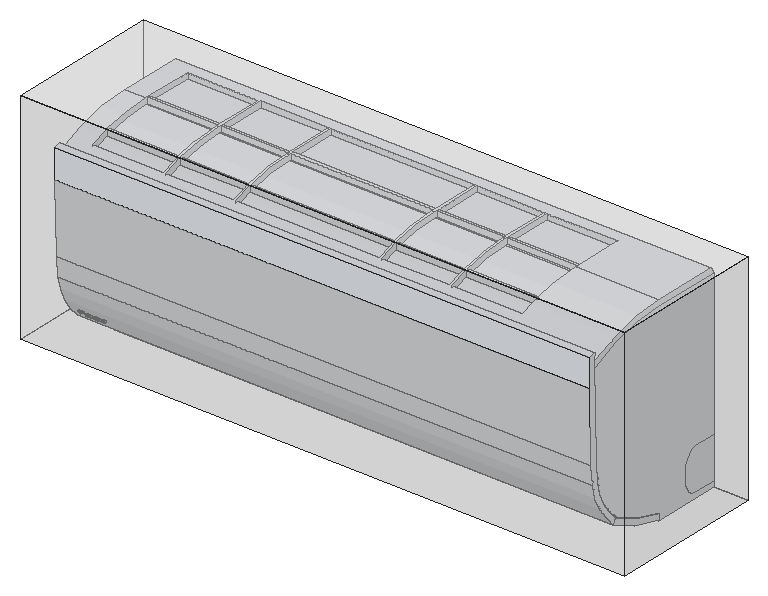
Revit family "outputfile", category 機械設備, Revit 2024 (continued)
Definition of nested family "DAIKIN_indoorunit_FTKQ-TVM"
  Automatic sketch dimensions
    Extrusion 22 sketch curve to plane 1 "Center (Front/Back)" = 0.0 mm
    Extrusion 22 sketch curve to Extrusion 22 sketch curve = 20.0 mm  (x2)
    Extrusion 22 sketch curve to level = 287.035 mm
    Extrusion 23 sketch curve to plane 1 "Center (Front/Back)" = 0.0 mm
    Extrusion 23 sketch curve to Extrusion 23 sketch curve = 20.0 mm  (x2)
    Extrusion 23 sketch curve to level = 287.035 mm
    plane 1 "Center (Front/Back)" to Extrusion 24 sketch curve = 0.0 mm  (x2)
    plane 3 "Center (Left/Right)" to Extrusion 24 sketch curve = 469.0 mm
    Extrusion 24 sketch curve to Extrusion 24 sketch curve = 20.0 mm  (x4)
    Extrusion 24 sketch curve to plane 3 "Center (Left/Right)" = 409.0 mm
  Nested families
    nested 1: "daikin_logo_plane_w40" at (-320, -198.871, -233.244) x (1, 0, 0) z (0, -0.7841, -0.6206), visible <- "Width=770", type "daikin_logo_plane_w40"
      with show_logo yes
    nested 2: "daikin_logo_plane_w40" at (-430, -237.74, -233.244) x (1, 0, 0) z (0, -0.7841, -0.6206), visible <- "Width=990", type "daikin_logo_plane_w40"
      with show_logo yes
  Definition of nested family "daikin_logo_plane_w40"
    Parameters (values of type "daikin_logo_plane_w40")
      width = 40.0 mm
      show_logo [instance] = yes
      material = none
      height = 0.0 mm
      depth = 0.0 mm
      Default Elevation = 1219.2 mm
    Reference planes
      plane 1 "Center (Front/Back)": y = 0
      plane 2: z = 0
      plane 3 "Center (Left/Right)": x = 0
      plane 4: z = 2
      plane 5 "left": x = -19
      plane 6: x = 19
    Forms (mm)
      Extrusion 1, solid, visible <- "show_logo"
        sketch origin (-19, 0, 0) x (1, 0, 0) y (0, 1, 0)
          loop
            line (8.902, -1.878) -> (7.789, -6.332) -> (11.13, -6.332)
            arc (11.13, -6.332) -> (12.454, -6.064) -> (13.472, -5.176) r 2.642
            arc (13.472, -5.176) -> (13.92, -4.02) -> (13.767, -2.79) r 2.537
            arc (13.767, -2.79) -> (13.452, -2.342) -> (12.982, -2.06) r 1.321
            arc (12.982, -2.06) -> (12.063, -1.902) -> (11.13, -1.878) r 6.479
            line (11.13, -1.878) -> (8.902, -1.878)
          loop
            line (10.016, -5.441) -> (10.907, -5.441)
            arc (10.907, -5.441) -> (11.591, -4.983) -> (11.988, -4.261) r 1.742
            spline (11.988, -4.261) -> (12.01, -4.155) -> (12.027, -4.03) -> (12.037, -3.893) -> (12.037, -3.747) -> (12.026, -3.598) -> (12.002, -3.451) -> (11.962, -3.31) -> (11.905, -3.181) -> (11.829, -3.069) -> (11.731, -2.978) -> (11.61, -2.913) -> (11.464, -2.88)
            line (11.464, -2.88) -> (10.573, -2.88) -> (10.016, -5.441)
          loop
            line (13.58, -6.332) -> (14.805, -6.332) -> (15.223, -5.553) -> (16.977, -5.553) -> (17.144, -6.332) -> (19.149, -6.332) -> (18.258, -1.878) -> (16.03, -1.878) -> (13.58, -6.332)
          loop
            line (16.476, -3.214) -> (15.76, -4.551) -> (16.762, -4.551) -> (16.476, -3.214)
          loop
            line (19.705, -6.332) -> (21.599, -6.332) -> (22.712, -1.878) -> (20.819, -1.878) -> (19.705, -6.332)
          loop
            line (22.712, -6.332) -> (24.606, -6.332) -> (24.908, -5.122) -> (25.831, -6.332) -> (28.17, -6.332) -> (26.388, -3.994) -> (28.949, -1.878) -> (26.945, -1.878) -> (25.401, -3.153) -> (25.719, -1.878) -> (23.826, -1.878) -> (22.712, -6.332)
          loop
            line (29.84, -1.878) -> (28.615, -6.332) -> (30.62, -6.332) -> (31.734, -1.878) -> (29.84, -1.878)
          loop
            line (31.734, -6.332) -> (33.07, -6.332) -> (33.7, -3.814) -> (34.518, -6.332) -> (36.745, -6.332) -> (37.859, -1.878) -> (36.523, -1.878) -> (35.845, -4.589) -> (34.963, -1.878) -> (32.847, -1.878) -> (31.734, -6.332)
        from 0 to 2
      Extrusion 2, solid, visible <- "show_logo"
        sketch origin (-19, 0, 0) x (1, 0, 0) y (0, 1, 0)
          loop
            line (8.7, 0) -> (4.235, 0) -> (0, -3.879) -> (0, -8) -> (8.7, 0)
        from 0 to 2
      Extrusion 3, solid, visible <- "show_logo"
        sketch origin (-19, 0, 0) x (1, 0, 0) y (0, 1, 0)
          loop
            line (0, 0) -> (0, -3.879) -> (4.235, 0) -> (0, 0)
        from 0 to 2
    Dimensions and locks
      plane 4 to plane 2 = 2.0 mm
      equal spacing: plane 5 "left", plane 3 "Center (Left/Right)", plane 6
      locked: plane 5 "left" to plane 6 at 38
      aligned and locked: level to plane 2
      aligned and locked: Extrusion 3 to plane 1 "Center (Front/Back)"  (x2)
      aligned and locked: Extrusion 2 to plane 1 "Center (Front/Back)"  (x2)
      aligned and locked: plane 4 to Extrusion 1
      aligned and locked: plane 4 to Extrusion 3
      aligned and locked: plane 4 to Extrusion 2
      aligned and locked: Extrusion 3 to plane 5 "left"
      aligned and locked: Extrusion 2 to plane 5 "left"
    Automatic sketch dimensions
      Extrusion 1 sketch curve to Extrusion 1 sketch curve = 0.901 mm
      Extrusion 1 sketch curve to Extrusion 1 sketch curve = 1.559 mm
      Extrusion 1 sketch curve to Extrusion 1 sketch curve = 1.327 mm
      Extrusion 1 sketch curve to Extrusion 1 sketch curve = 2.145 mm
      Extrusion 1 sketch curve to Extrusion 1 sketch curve = 1.448 mm
      Extrusion 1 sketch curve to Extrusion 1 sketch curve = 2.116 mm
      Extrusion 1 sketch curve to Extrusion 1 sketch curve = 1.114 mm  (x4)
      Extrusion 1 sketch curve to Extrusion 1 sketch curve = 1.336 mm  (x2)
      plane 1 "Center (Front/Back)" to Extrusion 1 sketch curve = 1.878 mm  (x5)
      Extrusion 1 sketch curve to Extrusion 1 sketch curve = 1.893 mm  (x5)
      Extrusion 1 sketch curve to Extrusion 1 sketch curve = 0.891 mm  (x4)
      Extrusion 1 sketch curve to Extrusion 1 sketch curve = 2.005 mm  (x3)
      Extrusion 1 sketch curve to Extrusion 1 sketch curve = 0.445 mm  (x2)
      plane 1 "Center (Front/Back)" to Extrusion 1 sketch curve = 3.994 mm
      Extrusion 1 sketch curve to Extrusion 1 sketch curve = 0.557 mm  (x2)
      Extrusion 1 sketch curve to Extrusion 1 sketch curve = 2.339 mm  (x2)
      Extrusion 1 sketch curve to Extrusion 1 sketch curve = 1.225 mm  (x3)
      plane 1 "Center (Front/Back)" to Extrusion 1 sketch curve = 3.153 mm
      Extrusion 1 sketch curve to Extrusion 1 sketch curve = 0.987 mm
      plane 1 "Center (Front/Back)" to Extrusion 1 sketch curve = 5.122 mm
      Extrusion 1 sketch curve to Extrusion 1 sketch curve = 0.922 mm
      plane 1 "Center (Front/Back)" to Extrusion 1 sketch curve = 6.332 mm
      Extrusion 1 sketch curve to Extrusion 1 sketch curve = 2.562 mm
      plane 1 "Center (Front/Back)" to Extrusion 1 sketch curve = 5.553 mm
      Extrusion 1 sketch curve to Extrusion 1 sketch curve = 0.167 mm
      Extrusion 1 sketch curve to Extrusion 1 sketch curve = 0.215 mm
      plane 1 "Center (Front/Back)" to Extrusion 1 sketch curve = 3.214 mm
      Extrusion 1 sketch curve to Extrusion 1 sketch curve = 0.286 mm
      plane 1 "Center (Front/Back)" to Extrusion 1 sketch curve = 4.551 mm
      Extrusion 1 sketch curve to Extrusion 1 sketch curve = 1.002 mm
      Extrusion 1 sketch curve to Extrusion 1 sketch curve = 0.537 mm
      Extrusion 1 sketch curve to Extrusion 1 sketch curve = 0.418 mm
      Extrusion 1 sketch curve to Extrusion 1 sketch curve = 1.028 mm
      plane 1 "Center (Front/Back)" to Extrusion 1 sketch curve = 4.261 mm
      Extrusion 1 sketch curve to Extrusion 1 sketch curve = 0.563 mm
      plane 1 "Center (Front/Back)" to Extrusion 1 sketch curve = 2.88 mm
      Extrusion 1 sketch curve to Extrusion 1 sketch curve = 1.088 mm
      Extrusion 1 sketch curve to Extrusion 1 sketch curve = 2.152 mm
      Extrusion 1 sketch curve to Extrusion 1 sketch curve = 0.586 mm
      Extrusion 1 sketch curve to Extrusion 1 sketch curve = 0.118 mm
      Extrusion 1 sketch curve to Extrusion 1 sketch curve = 0.298 mm
      Extrusion 1 sketch curve to Extrusion 1 sketch curve = 0.334 mm
      Extrusion 1 sketch curve to Extrusion 1 sketch curve = 0.223 mm
      Extrusion 1 sketch curve to Extrusion 1 sketch curve = 0.266 mm
      Extrusion 1 sketch curve to Extrusion 1 sketch curve = 1.671 mm
      Extrusion 1 sketch curve to Extrusion 1 sketch curve = 2.227 mm
      Extrusion 1 sketch curve to Extrusion 1 sketch curve = 0.0 mm  (x7)
      Extrusion 1 sketch curve to Extrusion 1 sketch curve = 3.453 mm
      Extrusion 1 sketch curve to Extrusion 1 sketch curve = 2.017 mm
      Extrusion 1 sketch curve to Extrusion 1 sketch curve = 0.78 mm  (x2)
      Extrusion 1 sketch curve to Extrusion 1 sketch curve = 1.743 mm
      Extrusion 1 sketch curve to Extrusion 1 sketch curve = 0.775 mm
      Extrusion 1 sketch curve to Extrusion 1 sketch curve = 0.552 mm
      Extrusion 1 sketch curve to Extrusion 1 sketch curve = 0.014 mm
      Extrusion 1 sketch curve to Extrusion 1 sketch curve = 0.952 mm
      Extrusion 1 sketch curve to Extrusion 1 sketch curve = 1.215 mm
      Extrusion 1 sketch curve to Extrusion 1 sketch curve = 0.108 mm
      plane 1 "Center (Front/Back)" to Extrusion 2 sketch curve = 0.0 mm
      Extrusion 2 sketch curve to plane 3 "Center (Left/Right)" = 19.0 mm
      Extrusion 2 sketch curve to plane 3 "Center (Left/Right)" = 14.765 mm
      Extrusion 2 sketch curve to Extrusion 2 sketch curve = 4.465 mm
      plane 1 "Center (Front/Back)" to Extrusion 2 sketch curve = 3.879 mm
      Extrusion 2 sketch curve to Extrusion 2 sketch curve = 4.12 mm
      plane 1 "Center (Front/Back)" to Extrusion 3 sketch curve = 0.0 mm
      Extrusion 3 sketch curve to plane 3 "Center (Left/Right)" = 19.0 mm
      Extrusion 3 sketch curve to plane 3 "Center (Left/Right)" = 14.765 mm
      plane 1 "Center (Front/Back)" to Extrusion 3 sketch curve = 3.879 mm
      Extrusion 1 sketch curve to plane 3 "Center (Left/Right)" = 11.211 mm
      Extrusion 1 sketch curve to Extrusion 1 sketch curve = 1.782 mm
Definition of nested family "daikin_connector_rotate3"
  Parameters (values of type "daikin_connector_rotate3")
    show [instance] = yes
    radius [instance] = 10.0 mm
    length [instance] = 600.0 mm
    angle_horizontal [instance] = 60.00°
    angle_vertical [instance] = 90.00°
    Default Elevation = 1219.2 mm
  Reference planes
    plane 1 "Center (Front/Back)": y = 0
    plane 2: z = 0
    plane 3 "Center (Left/Right)": x = 0
  Dimensions and locks
    "angle_horizontal": angle plane 3 "Center (Left/Right)" to nested 1
    aligned and locked: level to plane 2
    aligned and locked: plane 1 "Center (Front/Back)" to nested 1  (x2)
    aligned and locked: plane 3 "Center (Left/Right)" to nested 1
  Nested families
    nested 1: "daikin_connector_rotate2" at (0, 0, 0) x (0.5, 0.866, 0) z (0, 0, 1), angle_vertical <- "angle_vertical", length <- "length", radius <- "radius", type "daikin_connector_rotate2"
      with radius 10.0 mm, length 600.0 mm, angle_vertical 90.00°
  Definition of nested family "daikin_connector_rotate2"
    Parameters (values of type "daikin_connector_rotate2")
      show_face = yes
      radius [instance] = 10.0 mm
      length [instance] = 600.0 mm
      d_surface = 10.0 mm
      angle_vertical [instance] = 90.00°
      Default Elevation = 0.0 mm
    Reference planes
      plane 1 "Center (Front/Back)": y = 0
      plane 2: z = 0
      plane 3 "Center (Left/Right)": x = 0
    Forms (mm)
      Extrusion 1, solid, visible <- "show_face"
        sketch origin (0, -600, 0) x (1, 0, 0) y (0, 0, 1)
          loop
            circle (0, 0) r 10
        from 0 to -10
    Lines and regions (mm)
      reference lines
        curve 1: line (0, 0, 0) -> (0, -600, 0)
      symbolic lines
        curve 2: circle (0, 0, 0) r 5 normal (0, 0, 1)
      model lines, visible <- "show_face"
        curve 3: line (0, 0, 0) -> (0, -600, 0)
    Dimensions and locks
      "length": curve 1 to curve 1
      "length": curve 3 to curve 3
      "d_surface": Extrusion 1 to Extrusion 1
      "radius": radius of Extrusion 1 sketch curve
      "angle_vertical": angle curve 1 to plane 1 "Center (Front/Back)"
      "angle_vertical": angle curve 3 to plane 1 "Center (Front/Back)"
      aligned and locked: level to plane 2
      aligned and locked: plane 1 "Center (Front/Back)" to curve 1
      aligned and locked: plane 2 to curve 1
      aligned and locked: plane 1 "Center (Front/Back)" to curve 2
      aligned and locked: plane 3 "Center (Left/Right)" to curve 2
      aligned and locked: plane 1 "Center (Front/Back)" to curve 3
      aligned and locked: plane 2 to curve 3
      aligned and locked: Extrusion 1 to Extrusion 1
    Automatic sketch dimensions
      Extrusion 1 sketch curve to level = 0.0 mm
      Extrusion 1 sketch curve to plane 3 "Center (Left/Right)" = 0.0 mm
      radius of curve 2 = 5.0 mm
